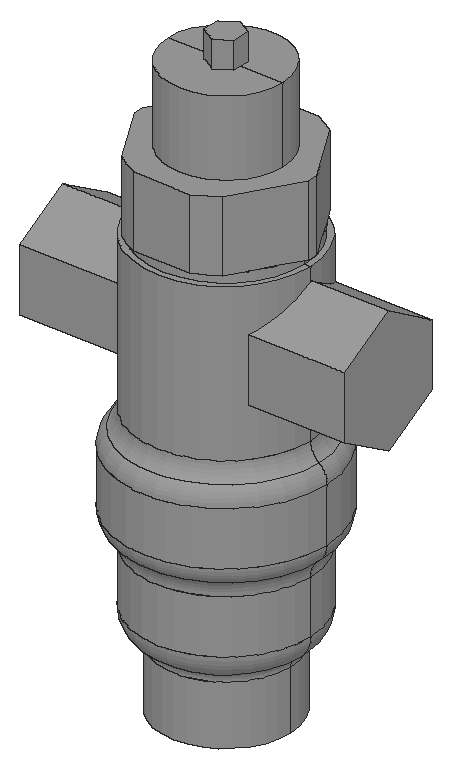
Revit family "BIMLIB_Редуктор_давления_304_РОСТерм", category Арматура трубопроводов, Revit 2017
Family settings
  Размер круглого соединителя = Использовать диаметр
  Тип детали = Клапан - Вставляется
  На основе рабочей плоскости = Нет
  Всегда вертикально = Нет
  При загрузке вырезать с полостями = Нет
  Общий = Нет
Parameters (values of type "HEIZEN 304")
  РТ_Перепад давления [instance] = 0.0 Pa
  РТ_Номинальное давление = 0.0 bar
  РТ_Давление на выходе [instance] = 3.0 bar
  РТ_L [instance] = if(and(РТ_DN = 15.00 mm, РТ_Давление на выходе < 4.1 bar), 60.00 mm, 0.00 mm)  # 60.00 mm
  РТ_Kvm [instance] = 0.6 m³/h  # constant formula
  РТ_Kvs [instance] = 0.84 m³/h  # constant formula
  Метод определения потерь = Не задано
  K Coefficient = 0
  URL = "http://rostherm.ru"
  Изготовитель = "РОСТерм"  # constant formula
  Model = ""
  Описание = "Редуктор давления Heizen 304 применяется для стабилизации и уменьшения давление в водопроводной сети. Имеет компактный корпус."
  Assembly Code = ""
  РТ_DN = 15.00 mm
  BL_Разработано = "support@bimlib.ru"  # constant formula
  BL_Email = "rostherm@bimlib.ru"  # constant formula
  BL_BIM library = "https://bimlib.pro/manufacturer/rosterm/1632/"
  ADSK_Расход жидкости [instance] = 0.0 m³/h
  ADSK_Примечание = ""
  ADSK_Позиция = ""
  ADSK_Обозначение [instance] = if(and(РТ_DN = 15.00 mm, РТ_Давление на выходе < 4.1 bar), "ГОСТ Р 55023-2012", "-")  # "ГОСТ Р 55023-2012"
  ADSK_Наименование краткое [instance] = if(and(РТ_DN = 15.00 mm, РТ_Давление на выходе < 4.1 bar), "РЕДУКТОР ДАВЛЕНИЯ HEIZEN 304 Ду15", "-")  # "РЕДУКТОР ДАВЛЕНИЯ HEIZEN 304 Ду15"
  ADSK_Наименование [instance] = if(and(РТ_DN = 15.00 mm, РТ_Давление на выходе < 4.1 bar), "РЕДУКТОР ДАВЛЕНИЯ ПОРШНЕВОЙ HEIZEN 304 Ду15", "-")  # "РЕДУКТОР ДАВЛЕНИЯ ПОРШНЕВОЙ HEIZEN 304 Ду15"
  ADSK_Материал [instance] = BIMLIB_Латунь_РТ
  ADSK_Масса_Текст = ""
  ADSK_Масса = 0
  ADSK_Марка [instance] = if(and(РТ_DN = 15.00 mm, РТ_Давление на выходе < 4.1 bar), "HEIZEN 304 Ду15", "-")  # "HEIZEN 304 Ду15"
  ADSK_Код изделия [instance] = if(and(РТ_DN = 15.00 mm, РТ_Давление на выходе < 4.1 bar), "304-00015", "-")  # "304-00015"
  ADSK_Завод-изготовитель = "Heizen"  # constant formula
  ADSK_Единица измерения = "шт."  # constant formula
  ADSK_Версия Revit = "2017"  # constant formula
  ADSK_URL страницы изделия = "http://rostherm.ru/balansirovochnie_klapani/"
  ADSK_URL документации изделия = "http://rostherm.ru"
Reference planes
  plane 1 "Centro (Fronte/Retro)": y = 0
  plane 2: z = 0
  plane 3 "Centro (Sinistra/Destra)": x = 0
  plane 4: x = 30
  plane 5: x = -30
Dimensions and locks
  equal spacing: plane 4, plane 3 "Centro (Sinistra/Destra)", plane 5
  "РТ_L": plane 4 to plane 5
  nested 4 to nested 4 = 112.00 mm
  aligned and locked: level to plane 2
Nested families
  nested 1: "Шестигран.труба" at (30, 0, 0) x (0, 0, 1) z (-1, 0, 0), ADSK_Материал <- "ADSK_Материал", type "Шестигран.труба", detail levels medium+fine
  nested 2: "УГО_Фронт" at (0, 0, 0), Длина <- "РТ_L", type "УГО_Фронт", detail levels coarse
    with Длина 60.00 mm
  nested 3: "УГО" at (0, 0, 0), Длина <- "РТ_L", type "УГО", detail levels coarse
    with Длина 60.00 mm
  nested 4: "BIMLIB_Редуктор_давления_304_РОСТерм_DN15" at (0, 0, 0), ADSK_Материал <- "ADSK_Материал", type "BIMLIB_Редуктор_давления_304_РОСТерм_DN15"
    with РТ_DN 16.00 mm
Connectors
  piping at (30, 0, 0), diameter 15, driven by "ADSK_Расход жидкости", driven by "РТ_DN"
    settings: on nested 1, index 1, connector inside diameter 609.6 mm, connector length 0.00 mm, flow factor 0, pipe flow 0.0 m³/h, pressure drop 0.0 Pa, fitting loss kfactor 0, connector angle 0.00°, fixture units 0, engagement length 0.00 mm, angle of deflection 0.00°, flow configuration 0, flow direction 0, fitting loss method 0, system type 29, joint type 0, gender type 0, connector reference index 2, connector utility 0, adjustable connector no, is connector primary yes, connector description ""
  piping at (-30, 0, 0), diameter 15, driven by "ADSK_Расход жидкости", driven by "РТ_DN"
    settings: on nested 1, index 2, connector inside diameter 609.6 mm, connector length 0.00 mm, flow factor 0, pipe flow 0.0 m³/h, pressure drop 0.0 Pa, fitting loss kfactor 0, connector angle 0.00°, fixture units 0, engagement length 0.00 mm, angle of deflection 0.00°, flow configuration 0, flow direction 2, fitting loss method 0, system type 29, joint type 0, gender type 0, connector reference index 1, connector utility 0, adjustable connector no, is connector primary no, connector description ""
Definition of nested family "Шестигран.труба"
  Parameters (values of type "Шестигран.труба")
    РТ_Длина = 60.00 mm
    ADSK_Материал [instance] = none
  Reference planes
    plane 1 "По центру (Вперед/Назад)": y = 0
    plane 2: z = 0
    plane 3 "По центру (Влево/Вправо)": x = 0
  Forms (mm)
    Extrusion 1, solid, material <- "ADSK_Материал", detail levels medium+fine
      sketch origin (0, 0, 0) x (1, 0, 0) y (0, 1, 0)
        loop
          line (-5.774, 10) -> (-11.547, 0) -> (-5.774, -10) -> (5.774, -10) -> (11.547, 0) -> (5.774, 10) -> (-5.774, 10)
      from 0 to 60
  Dimensions and locks
    "РТ_Длина": Extrusion 1 to level
    aligned and locked: level to plane 2
Definition of nested family "BIMLIB_Редуктор_давления_304_РОСТерм_DN15"
  Parameters (values of type "BIMLIB_Редуктор_давления_304_РОСТерм_DN10")
    РТ_DN [instance] = 16.00 mm
    URL = ""
    Keynote = ""
    Manufacturer = ""
    Model = ""
    Description = ""
    Assembly Code = ""
    ADSK_Материал [instance] = none
  Reference planes
    plane 1 "Centro (Fronte/Retro)": y = 0
    plane 2: z = 0
    plane 3 "Centro (Sinistra/Destra)": x = 0
    plane 4: x = 30
    plane 5: x = -30
    plane 6: z = -64.572
    plane 7: z = 47.428
  Forms (mm)
    Revolve 1, solid, material <- "ADSK_Материал", detail levels medium+fine
      sketch origin (0, 0, 0) x (1, 0, 0) y (0, 0, 1)
        loop
          line (0, 0) -> (0, -64.572) -> (11.931, -64.572) -> (11.931, -53.572)
          arc (11.931, -53.572) -> (12.22, -52.537) -> (13.003, -51.801) r 2
          arc (13.003, -51.801) -> (14.96, -49.96) -> (15.681, -47.372) r 5
          line (15.681, -47.372) -> (15.681, -37.381)
          arc (15.681, -37.381) -> (16.076, -35.649) -> (17.181, -34.258) r 4
          arc (17.181, -34.258) -> (18.287, -32.868) -> (18.681, -31.136) r 4
          line (18.681, -31.136) -> (18.681, -21.136)
          arc (18.681, -21.136) -> (18.287, -19.404) -> (17.181, -18.013) r 4
          arc (17.181, -18.013) -> (16.076, -16.623) -> (15.681, -14.891) r 4
          line (15.681, -14.891) -> (15.681, 13.863) -> (14.531, 13.863) -> (14.531, 15.574) -> (10.576, 15.574) -> (10.576, 42.526) -> (0, 42.526) -> (0, 0)
        axis (0, 42.526) -> (0, -64.572)
      angle from 0 to 360
    Extrusion 2, solid, material <- "ADSK_Материал", detail levels medium+fine
      sketch origin (0, 0, 0) x (1, 0, 0) y (0, 1, 0)
        loop
          line (-9.383, 12.333) -> (-15.976, 0.914)
          arc (-15.976, 0.914) -> (-16, 0) -> (-15.976, -0.914) r 17.25
          line (-15.976, -0.914) -> (-9.383, -12.333)
          arc (-9.383, -12.333) -> (-7.375, -13.689) -> (-5.197, -14.75) r 17.25
          line (-5.197, -14.75) -> (5.197, -14.75)
          arc (5.197, -14.75) -> (7.375, -13.689) -> (9.383, -12.333) r 17.25
          line (9.383, -12.333) -> (15.976, -0.914)
          arc (15.976, -0.914) -> (16, 0) -> (15.976, 0.914) r 17.25
          line (15.976, 0.914) -> (9.383, 12.333)
          arc (9.383, 12.333) -> (7.375, 13.689) -> (5.197, 14.75) r 17.25
          line (5.197, 14.75) -> (-5.197, 14.75)
          arc (-5.197, 14.75) -> (-7.375, 13.689) -> (-9.383, 12.333) r 17.25
      from 28.628 to 15.574
    Extrusion 3, solid, material <- "ADSK_Материал", detail levels medium+fine
      sketch origin (0, 0, 0) x (1, 0, 0) y (0, 1, 0)
        loop
          line (0, 3.178) -> (-2.753, 1.589) -> (-2.753, -1.589) -> (0, -3.178) -> (2.753, -1.589) -> (2.753, 1.589) -> (0, 3.178)
      from 42.526 to 47.428
  Cuts and joins
    joined: Revolve 1, Extrusion 2
  Dimensions and locks
    equal spacing: plane 4, plane 3 "Centro (Sinistra/Destra)", plane 5
    plane 7 to plane 6 = 112.00 mm
    aligned and locked: level to plane 2
    aligned and locked: Extrusion 3 to cut or joined group of Revolve 1, Extrusion 2
  Automatic sketch dimensions
    Extrusion 2 sketch curve to Extrusion 2 sketch curve = 0.00 mm  (x9)
    Extrusion 2 sketch curve to Extrusion 2 sketch curve = 1.25 mm  (x8)
    Extrusion 2 sketch curve to Extrusion 2 sketch curve = 2.50 mm  (x13)
    plane 1 "Centro (Fronte/Retro)" to Extrusion 2 sketch curve = 0.00 mm
    Extrusion 2 sketch curve to plane 3 "Centro (Sinistra/Destra)" = 1.25 mm
    Extrusion 2 sketch curve to plane 3 "Centro (Sinistra/Destra)" = 5.197 mm  (x2)
    Extrusion 2 sketch curve to Extrusion 2 sketch curve = 4.186 mm  (x4)
    plane 1 "Centro (Fronte/Retro)" to Extrusion 2 sketch curve = 0.914 mm  (x2)
    Extrusion 2 sketch curve to Extrusion 2 sketch curve = 6.593 mm  (x2)
    Extrusion 2 sketch curve to plane 1 "Centro (Fronte/Retro)" = 0.914 mm  (x2)
    plane 3 "Centro (Sinistra/Destra)" to Extrusion 2 sketch curve = 5.197 mm  (x2)
    Extrusion 2 sketch curve to Extrusion 2 sketch curve = 11.419 mm  (x2)
    Revolve 1 sketch curve to level = 0.00 mm
    Revolve 1 sketch curve to plane 3 "Centro (Sinistra/Destra)" = 0.00 mm  (x2)
    Revolve 1 sketch curve to plane 6 = 0.00 mm
    Revolve 1 sketch curve to Revolve 1 sketch curve = 10.576 mm
    plane 3 "Centro (Sinistra/Destra)" to Revolve 1 sketch curve = 10.681 mm
    Revolve 1 sketch curve to Revolve 1 sketch curve = 1.25 mm
    Revolve 1 sketch curve to Revolve 1 sketch curve = 2.00 mm
    Revolve 1 sketch curve to Revolve 1 sketch curve = 3.955 mm
    plane 3 "Centro (Sinistra/Destra)" to Revolve 1 sketch curve = 14.681 mm
    Revolve 1 sketch curve to Revolve 1 sketch curve = 0.00 mm
    Revolve 1 sketch curve to Revolve 1 sketch curve = 1.00 mm  (x2)
    Revolve 1 sketch curve to Revolve 1 sketch curve = 4.00 mm  (x3)
    plane 6 to Revolve 1 sketch curve = 11.00 mm
    Revolve 1 sketch curve to Revolve 1 sketch curve = 6.20 mm
    Revolve 1 sketch curve to Revolve 1 sketch curve = 9.991 mm
    Revolve 1 sketch curve to Revolve 1 sketch curve = 6.245 mm  (x2)
    Revolve 1 sketch curve to Revolve 1 sketch curve = 10.00 mm
    level to Revolve 1 sketch curve = 13.863 mm
    Revolve 1 sketch curve to Revolve 1 sketch curve = 1.712 mm
    plane 7 to Revolve 1 sketch curve = 10.482 mm
    Revolve 1 sketch curve to Revolve 1 sketch curve = 7.828 mm
    Revolve 1 sketch curve to plane 7 = 4.902 mm
Definition of nested family "УГО_Фронт"
  Parameters (values of type "УГО_Фронт")
    Loss Method = (empty or 0)
    Длина [instance] = 100.00 mm
  Reference planes
    plane 1 "Centro (Fronte/Retro)": y = 0
    plane 2: z = 0
    plane 3 "Centro (Sinistra/Destra)": x = 0
    plane 4: through (4267.2, 0, 0) normal (0, -0.7071, 0.7071)
    plane 5: x = 50
    plane 6: x = -50
  Lines and regions (mm)
    model lines, detail levels coarse
      curve 1: line (50, 0, -30) -> (50, 0, 30)
      curve 2: line (-50, 0, -30) -> (-50, 0, 30)
      curve 3: line (50, 0, 30) -> (-50, 0, -30)
      curve 4: line (-50, 0, 30) -> (50, 0, -30)
  Dimensions and locks
    equal spacing: plane 5, plane 3 "Centro (Sinistra/Destra)", plane 6
    "Длина": plane 5 to plane 6
    aligned and locked: level to plane 2
  Automatic sketch dimensions
    curve 3 to plane 6 = 0.00 mm
    curve 3 to plane 5 = 0.00 mm
    level to curve 1 = 30.00 mm
    curve 3 to level = 30.00 mm
    curve 4 to level = 30.00 mm
    level to curve 2 = 30.00 mm
Definition of nested family "УГО"
  Parameters (values of type "УГО")
    Loss Method = (empty or 0)
    Длина [instance] = 100.00 mm
  Reference planes
    plane 1 "Centro (Fronte/Retro)": y = 0
    plane 2: z = 0
    plane 3 "Centro (Sinistra/Destra)": x = 0
    plane 4: through (4267.2, 0, 0) normal (0, -0.7071, 0.7071)
    plane 5: x = 50
    plane 6: x = -50
  Lines and regions (mm)
    symbolic lines
      curve 1: line (-50, -40, 0) -> (50, 40, 0)
      curve 2: line (50, -40, 0) -> (-50, 40, 0)
      curve 3: line (50, 40, 0) -> (50, -40, 0)
      curve 4: line (-50, 40, 0) -> (-50, -40, 0)
  Dimensions and locks
    equal spacing: plane 5, plane 3 "Centro (Sinistra/Destra)", plane 6
    "Длина": plane 5 to plane 6
    aligned and locked: level to plane 2
    aligned and locked: curve 3 to plane 5
    aligned and locked: curve 4 to plane 6
  Automatic sketch dimensions
    plane 1 "Centro (Fronte/Retro)" to curve 3 = 40.00 mm
    plane 1 "Centro (Fronte/Retro)" to curve 4 = 40.00 mm
    curve 4 to plane 1 "Centro (Fronte/Retro)" = 40.00 mm
    curve 1 to plane 1 "Centro (Fronte/Retro)" = 40.00 mm
